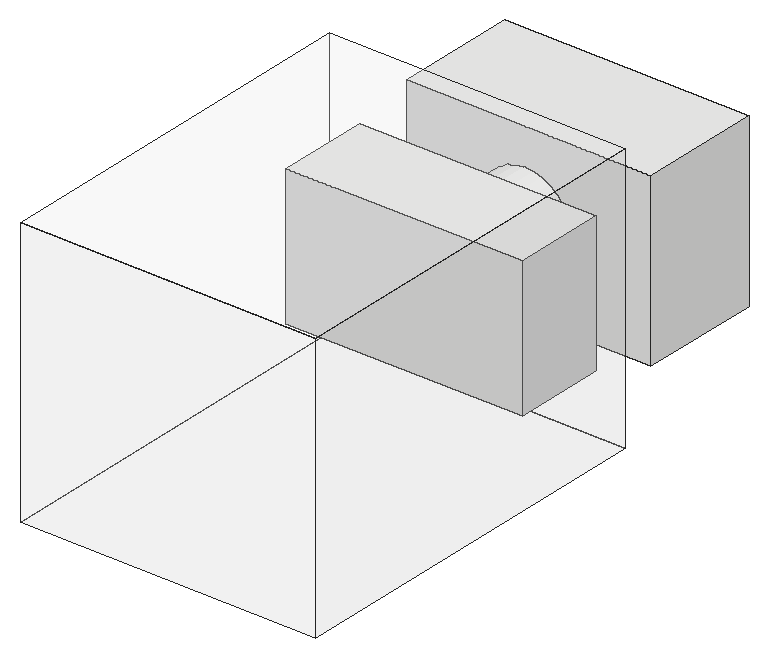
Revit family "vl-100s3_50Hz", category 機械設備, Revit 2019
Family settings
  丸型コネクタ寸法 = 直径を使用
  パーツ タイプ = 標準
  OmniClass 番号 = 23.75.35.17.27
  OmniClass タイトル = Centrifugal Fans
  作業面ベース = いいえ
  常に垂直 = はい
  ロード時にボイドで切り取り = いいえ
  共有 = いいえ
  部屋計算ポイント = いいえ
Parameters (values of type "VL-100S3")
  騒音レベル(dB(A)) [instance] = 38
  風量 [instance] = 95.0 m³/h
  電源種別 [instance] = ""
  電圧 = 100 V
  電動機出力 = 0 W
  電動機_種別 [instance] = ""
  運転質量 = 0.00 kg
  連動 [instance] = ""
  質量 = if(製品質量 > 運転質量, 製品質量, 運転質量) * 1.2  # 8.04 kg
  負荷分類 = 3_ファン類
  説明 = "換気空清機ロスナイ 本体セパレート取付タイプ"
  設計風量 [instance] = 0.0 m³/h
  設置方法 = "壁付"
  記号 [instance] = ""
  製造元 = "三菱電機株式会社"
  製品質量 = 6.70 kg
  製品出荷対象 = "国内"
  製品リリース年月 = "2019年5月16日"
  製品グループ = ""
  系統 [instance] = ""
  符号 [instance] = ""
  積算_科目 = "2 換気設備"
  積算_拾い区分 [instance] = ""
  相 = 1
  盤記号 [instance] = ""
  発停方法 [instance] = ""
  特殊仕様 [instance] = ""
  温度交換効率 = 70.00%
  メンテナンススペース = yes
  火災停止 [instance] = ""
  消費電力 = 31 W
  法定耐用年数 = "15"
  機外静圧 [instance] = 0.0 Pa
  極数 = 2
  材質 [instance] = ""
  操作・制御方式 = ""
  操作・制御スイッチ = ""
  排気量 [instance] = 0.0 m³/h
  形式 = ""
  幹線記号 [instance] = ""
  対象室 [instance] = ""
  実風量 [instance] = 0.0 m³/h
  始動方式 [instance] = "直入"
  外気量 [instance] = 0.0 m³/h
  呼称 = ""
  周波数 = 50 Hz
  参照している仕様書等のバージョン = ""
  分類コード = "50052504100030"
  分類グループ = ""
  価格 = 70000
  企業コード = "108420"
  付属品_防振装置 = ""
  付属品 [instance] = ""
  仕様書バージョン = "Version1.0"
  モデル = "VL-100S3"
  マテリアル = 合成樹脂(白)
  ファンの種類 = ""
  ダクト径 = 65 mm
  コメント [instance] = ""
  Keynote = ""
  Width = 400 mm
  W3 = if(Width / 2 < Depth, Width / 2, Depth)  # 156 mm
  W2 = 200 mm
  W1 = 413 mm
  Version = ""
  Uniclass2015Version = "Systems v1.9"
  Uniclass2015Title = "Twin centrifugal fans"
  Uniclass2015Code = "Pr_65_67_29_89"
  URL = "https://www.mitsubishielectric.co.jp/ldg/wink/ssl/displayProduct.do?pid=300967"
  SpecificationReference = ""
  SpecificationDescription = ""
  Revision = ""
  Pype_Depth = 100 mm
  Pype_D = 150 mm
  ProductInformation = ""
  OmniClassCode = "23-33 31 19 13 13"
  MIN風量 = 60.0 m³/h
  MIN静圧 = 0.0 Pa
  MID風量 = 0.0 m³/h
  MID静圧 = 0.0 Pa
  MAX風量 = 95.0 m³/h
  MAX静圧 = 0.0 Pa
  IfcTypeProduct = ""
  IfcProduct = ""
  IfcExportType = "CENTRIFUGALBACKWARDINCLINEDCURVED"
  IfcExportAs = "IfcFanType"
  Height = 235 mm
  H3 = 137 mm
  H2 = 115 mm
  H1 = 289 mm
  Depth = 156 mm
  D1 = 206 mm
  Clearance Top = 120 mm
  Clearance Right = 50 mm
  Clearance Left = 50 mm
  Clearance Front = 500 mm
  Clearance Bottom = 100 mm
  Clearance Back = 0 mm
  Author = "三菱電機株式会社"
Reference planes
  plane 1 "中心(正面/背面)": y = 0
  plane 2: z = 0
  plane 3 "中心(左/右)": x = 0
  plane 4: x = 250
  plane 5: y = 0
  plane 6: y = -656
  plane 7: x = -200
  plane 8: x = 200
  plane 9: y = -156
  plane 10: z = 235
  plane 11: z = -120
  plane 12: x = -250
  plane 13: z = -220
  plane 14: y = -78
  plane 15: z = 115
  plane 16: x = -100
  plane 17: x = 100
  plane 18: y = 100
  plane 19: x = 213
  plane 20: y = 306
  plane 21: x = -200
  plane 22: z = 137
  plane 23: z = -152
Forms (mm)
  Extrusion 1, solid, material "合成樹脂(白)" <- "マテリアル", detail levels fine
    sketch origin (0, 0, 0) x (1, 0, 0) y (0, 1, 0)
      loop
        line (-200, 0) -> (-200, -156) -> (200, -156) -> (200, 0) -> (-200, 0)
    from -120 to 115
  Extrusion 2, solid, material "合成樹脂(白)" <- "マテリアル", detail levels fine
    sketch origin (0, 0, 0) x (1, 0, 0) y (0, 0, 1)
      loop
        circle (0, 0) r 75
    from -100 to 0
  Extrusion 3, solid, material "合成樹脂(白)" <- "マテリアル"
    sketch origin (0, 0, 0) x (1, 0, 0) y (0, 1, 0)
      loop
        line (-200, 306) -> (-200, 100) -> (213, 100) -> (213, 306) -> (-200, 306)
    from -152 to 137
Lines and regions (mm)
  Masking region 1, detail levels coarse+medium
    outline origin (2279.921, -68.194, 0) x (1, 0, 0) y (0, 1, 0)
      loop
        line (-2479.921, 68.194) -> (-2479.921, -87.806) -> (-2079.921, -87.806) -> (-2079.921, 68.194) -> (-2479.921, 68.194)
  symbolic lines, detail levels coarse+medium
    curve 1: circle (100, -78, 0) r 78 normal (0, 0, 1)
    curve 2: circle (-100, -78, 0) r 78 normal (0, 0, 1)
Dimensions and locks
  equal spacing: plane 7, plane 3 "中心(左/右)", plane 8
  "Width": plane 7 to plane 8
  "Clearance Left": plane 12 to plane 7
  "Depth": plane 1 "中心(正面/背面)" to plane 9
  "Clearance Front": plane 9 to plane 6
  "Clearance Back": plane 5 to plane 1 "中心(正面/背面)"
  "Clearance Right": plane 8 to plane 4
  "Clearance Bottom": plane 11 to plane 13
  equal spacing: plane 1 "中心(正面/背面)", plane 14, plane 9
  "Height": plane 15 to plane 11
  "Clearance Top": plane 10 to plane 15
  equal spacing: plane 7, plane 16, plane 3 "中心(左/右)"
  equal spacing: plane 3 "中心(左/右)", plane 17, plane 8
  "Pype_Depth": plane 18 to plane 1 "中心(正面/背面)"
  "D1": plane 20 to plane 18
  "W2": plane 21 to plane 3 "中心(左/右)"
  "W1": plane 21 to plane 19
  "H1": plane 22 to plane 23
  "H3": plane 22 to level
  plane 1 "中心(正面/背面)" to Extrusion 3 = 306 mm
  "H2": plane 15 to level
  "W3": diameter of curve 2
  "W3": diameter of curve 1
  "Pype_D": diameter of Extrusion 2 sketch curve
  aligned and locked: level to plane 2
  aligned and locked: plane 8 to Extrusion 1
  aligned and locked: Extrusion 1 to plane 9
  aligned and locked: Extrusion 1 to plane 7
  aligned and locked: Extrusion 1 to plane 11
  aligned and locked: Extrusion 1 to plane 1 "中心(正面/背面)"
  aligned and locked: plane 15 to Extrusion 1
  aligned and locked: nested 1 to plane 6
  aligned and locked: nested 1 to plane 5
  aligned and locked: nested 1 to plane 12
  aligned and locked: plane 4 to nested 1
  aligned and locked: plane 13 to nested 1
  aligned and locked: plane 10 to nested 1
  aligned and locked: Masking region 1 to plane 7
  aligned and locked: plane 8 to Masking region 1
  aligned and locked: Masking region 1 to plane 1 "中心(正面/背面)"
  aligned and locked: Masking region 1 to plane 9
  aligned and locked: plane 1 "中心(正面/背面)" to Extrusion 2
  aligned and locked: plane 18 to Extrusion 2
  aligned and locked: Extrusion 3 sketch curve to plane 20
  aligned and locked: plane 18 to Extrusion 3 sketch curve
  aligned and locked: Extrusion 3 sketch curve to plane 19
  aligned and locked: Extrusion 3 to plane 21
  aligned and locked: Extrusion 3 to plane 23
  aligned and locked: plane 22 to Extrusion 3
Automatic sketch dimensions
  Extrusion 1 sketch curve to plane 3 "中心(左/右)" = 200 mm
  plane 3 "中心(左/右)" to Extrusion 1 sketch curve = 200 mm
  plane 1 "中心(正面/背面)" to Extrusion 1 sketch curve = 156 mm
  Extrusion 1 sketch curve to plane 1 "中心(正面/背面)" = 0 mm
  Masking region 1 sketch curve to plane 4 = 450 mm
  Masking region 1 sketch curve to Masking region 1 sketch curve = 400 mm
  plane 6 to Masking region 1 sketch curve = 500 mm
  plane 14 to Masking region 1 sketch curve = 78 mm
  curve 2 to plane 14 = 0 mm
  curve 2 to plane 16 = 0 mm
  curve 1 to plane 14 = 0 mm
  curve 1 to plane 17 = 0 mm
  Extrusion 2 sketch curve to level = 0 mm
  Extrusion 2 sketch curve to plane 3 "中心(左/右)" = 0 mm
  Extrusion 3 sketch curve to plane 21 = 0 mm
Nested families
  nested 1: "メンテナンススペース" at (0, -328, 7.5), visible <- "メンテナンススペース", type "メンテナンススペース"
    with Width 500 mm, Height 455 mm, Depth 656 mm
Connectors
  electrical at (213, 203, -7.5), driven by "負荷分類", driven by "極数", driven by "電圧", driven by "消費電力"
    settings: on Extrusion 3, index 1, voltage 100 V, apparent load 31 VA, apparent load phase1 0 VA, apparent load phase2 0 VA, apparent load phase3 0 VA, power factor 1, load classification "3_ファン類", number of poles 2, system type 30, power factor state 1, is connector primary yes, connector utility no, sub classification motor no, connector description ""
Definition of nested family "メンテナンススペース"
  Parameters (values of type "メンテナンススペース")
    Width [instance] = 500 mm
    Height [instance] = 500 mm
    Depth [instance] = 500 mm
  Reference planes
    plane 1 "中心(正面/背面)": y = 0
    plane 2: z = 0
    plane 3 "中心(左/右)": x = 0
    plane 4: y = -250
    plane 5: x = 250
    plane 6: y = 250
    plane 7: x = -250
    plane 8: z = 250
    plane 9: z = -250
  Forms (mm)
    Extrusion 1, solid
      sketch origin (-638.939, 0, 72.39) x (1, 0, 0) y (0, 1, 0)
        loop
          line (388.939, 250) -> (388.939, -250) -> (888.939, -250) -> (888.939, 250) -> (388.939, 250)
      from -322.39 to 177.61
  Lines and regions (mm)
    symbolic lines
      curve 1: line (-250, 0, 250) -> (250, 0, 250)
      curve 2: line (-250, 0, -250) -> (-250, 0, 250)
      curve 3: line (250, 0, -250) -> (-250, 0, -250)
      curve 4: line (250, 0, 250) -> (250, 0, -250)
      curve 5: line (0, -250, 250) -> (0, 250, 250)
      curve 6: line (0, -250, -250) -> (0, -250, 250)
      curve 7: line (0, 250, -250) -> (0, -250, -250)
      curve 8: line (0, 250, 250) -> (0, 250, -250)
      curve 9: line (-250, 250, 0) -> (250, 250, 0)
      curve 10: line (-250, -250, 0) -> (-250, 250, 0)
      curve 11: line (250, -250, 0) -> (-250, -250, 0)
      curve 12: line (250, 250, 0) -> (250, -250, 0)
  Dimensions and locks
    equal spacing: plane 7, plane 3 "中心(左/右)", plane 5
    equal spacing: plane 4, plane 1 "中心(正面/背面)", plane 6
    "Depth": plane 4 to plane 6
    "Width": plane 7 to plane 5
    equal spacing: plane 8, plane 2, plane 9
    "Height": plane 8 to plane 9
    aligned and locked: plane 9 to curve 3
    aligned and locked: plane 7 to curve 2
    aligned and locked: curve 4 to plane 5
    aligned and locked: plane 5 to Extrusion 1
    aligned and locked: Extrusion 1 to plane 7
    aligned and locked: Extrusion 1 to plane 9
    aligned and locked: plane 8 to Extrusion 1
    aligned and locked: plane 9 to curve 7
  Automatic sketch dimensions
    plane 4 to Extrusion 1 sketch curve = 0 mm
    Extrusion 1 sketch curve to plane 7 = 0 mm
    Extrusion 1 sketch curve to plane 5 = 0 mm
    plane 6 to Extrusion 1 sketch curve = 0 mm
    curve 2 to plane 8 = 0 mm
    plane 4 to curve 11 = 0 mm
    curve 11 to plane 7 = 0 mm
    curve 11 to plane 5 = 0 mm
    plane 6 to curve 10 = 0 mm
    curve 7 to plane 4 = 0 mm
    curve 7 to plane 6 = 0 mm
    curve 6 to plane 8 = 0 mm
